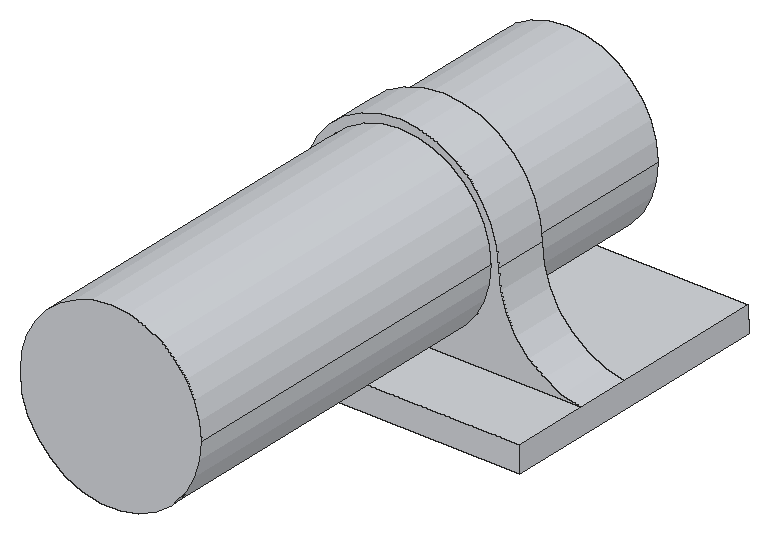
Revit family "3-539-xx - 37-539-xx - Olio (Wall Sconce)", category Lighting Fixtures, host Face, Revit 2018
Family settings
  Host = Face
  Round Connector Dimension = Use Diameter
  Part Type = Normal
  Cut with Voids When Loaded = No
  Light Source = Yes
  Shared = No
  Room Calculation Point = No
Parameters (values of type "3-359-22 / 37-359-22 - Olio")
  Wattage Comments = "0.00 W at 120 V"  # constant formula
  Wattage = 0 W
  built-in parameter 1150110 = 1 (stored number, unit not read)
  Voltage Input [instance] = "120 V or 277 V 50/60Hz"  # constant formula
  URL = "www.oxygenlighting.com"
  built-in parameter 1114217 = 1 (stored number, unit not read)
  Tilt Angle = -90.00°  # constant formula
  built-in parameter 1150109 = 1 (stored number, unit not read)
  built-in parameter 1150134 = (empty or 0)
  built-in parameter 1150113 = 1 (stored number, unit not read)
  Photometric Web File = "3-539-22 Olio Sconce.ies"
  Other = none
  References [instance] = "Ref. 3 = 120V / Ref. 37 = 277 V"  # constant formula
  Model = "3-359-xx / 37-359-xx - Olio"  # constant formula
  Metal Finish = 22- Oiled Bronze
  Manufacturer = "Oxygen Lighting & Fans"  # constant formula
  built-in parameter 1150105 = (empty or 0)
  Lumens = 0 lm
  built-in parameter 1150115 = 1 (stored number, unit not read)
  built-in parameter 1150137 = (empty or 0)
  built-in parameter 1150139 = (empty or 0)
  built-in parameter 1150112 = 1 (stored number, unit not read)
  built-in parameter 1150114 = 1 (stored number, unit not read)
  Lamp = "LED Array"  # constant formula
  built-in parameter 1150132 = (empty or 0)
  built-in parameter 1150102 = (empty or 0)
  built-in parameter 1150107 = 3000 (stored number, unit not read)
  built-in parameter 1150138 = (empty or 0)
  built-in parameter 1150106 = (empty or 0)
  Emit from Circle Diameter = 3.00"  # constant formula
  Emit Shape Visible in Rendering = no
  built-in parameter 1150104 = 0.092903 (stored number, unit not read)
  Dimming Lamp Color Temperature Shift = <None>
  Diffuser = White Opal Glass
  Default Elevation = 0.00"
  Color Filter = 16777215
  built-in parameter 1114218 = 1 (stored number, unit not read)
  built-in parameter 1150133 = 10 (stored number, unit not read)
Types (3): name | Metal Finish
  (no name) | 22- Oiled Bronze
  3-359-22 / 37-359-22 - Olio | 22- Oiled Bronze
  3-359-24 / 37-359-24 - Olio | 24 - Satin Nickel
Reference planes (in)
  plane 1 "Center (Front/Back)": y = 0
  plane 2: z = 0
  plane 3 "Center (Left/Right)": x = 0
  plane 4: z = 2.5
Dimensions and locks (in)
  aligned and locked: plane 2 to host face
  aligned and locked: level to host face
  aligned and locked: imposter light to plane 4
Nested families (in)
  nested 1: "3-539 Olio" at (0, 0, 0), type "3-539 Olio"
Definition of nested family "3-539 Olio"
  Parameters (values of type "3-539 Olio")
    Others 2 = none
    Others 1 = none
    Metal Finish = none
    Main Diffuser = none
    Diffuser = none
    2nd Diffuser = none
  Reference planes (in)
    plane 1 "Center (Front/Back)": y = 0
    plane 2: z = 0
    plane 3 "Center (Left/Right)": x = 0
    plane 4 "Very Bottom": y = -14
  Forms (in)
    Extrusion 1, solid, material <- "Metal Finish"
      sketch origin (0, -3.55922, 3.5) x (0, 1, 0) y (-1, 0, 0)
        loop
          line (0.75, -3.5) -> (6.25, -3.5) -> (6.25, 3.5) -> (0.75, 3.5) -> (0.75, -3.5)
      from -3 to -3.5
    Extrusion 2, solid, material <- "Metal Finish"
      sketch origin (0, -3.55922, 3.5) x (-1, 0, 0) y (0, 0, 1)
        loop
          arc (1.907, -1.157) -> (0, 0.75) -> (-1.907, -1.157) r 1.907
          arc (-1.907, -1.157) -> (-2.36044, -2.37502) -> (-3.5, -3) r 1.86262
          line (-3.5, -3) -> (3.5, -3)
          arc (3.5, -3) -> (2.36044, -2.37502) -> (1.907, -1.157) r 1.86262
        loop
          circle (0, -1.157) r 1.75
      from 2.21944 to 3.25681
    Extrusion 3, solid, material <- "Diffuser"
      sketch origin (0, 7.44078, 3.5) x (-1, 0, 0) y (0, 0, 1)
        loop
          circle (0, -1.157) r 1.75
      from -15.74811 to -4.75
    Extrusion 4, void
      sketch origin (-0.21778, 7.44078, 0.57924) x (-1, 0, 0) y (0, 0, 1)
        loop
          circle (-0.21778, 1.76376) r 1.62
      from -15.53591 to -4.89058
    Extrusion 5, solid
      sketch origin (0, 7.44078, 3.5) x (1, 0, 0) y (0, 0, 1)
        loop
          line (-0.88572, -2.68396) -> (0.88572, -2.68396) -> (0.88572, -2.25) -> (-0.88572, -2.25) -> (-0.88572, -2.68396)
      from 7.25681 to 7.74319
  Cuts and joins
    Extrusion 4 cuts Extrusion 3
  Lines and regions (in)
    model lines
      curve 1: line (-4, 0, 0) -> (4, 0, 0)
      curve 2: line (0, -4, 0) -> (0, 4, 0)
    symbolic lines
      curve 3: circle (0, 0, 0) r 2 normal (0, 0, 1)
    model lines, not visible
      curve 4: line (-13.0722, 21.77075, 0) -> (-5.0722, 21.77075, 0)
      curve 5: line (-9.0722, 17.77075, 0) -> (-9.0722, 25.77075, 0)
    symbolic lines, not visible
      curve 6: circle (-9.0722, 21.77075, 0) r 2 normal (0, 0, 1)
  Text (in)
    text "M.C." at (0.88973, 1.62995, 0), in view "Ref. Level"
    text "M.C." at (-8.18247, 23.4007, 0), in view "Ref. Level", not visible
  Dimensions and locks (in)
    Extrusion 5 sketch curve to Extrusion 5 sketch curve = 1.77144"
    Extrusion 5 to Extrusion 5 = 0.48638"
    aligned and locked: plane 2 to level
